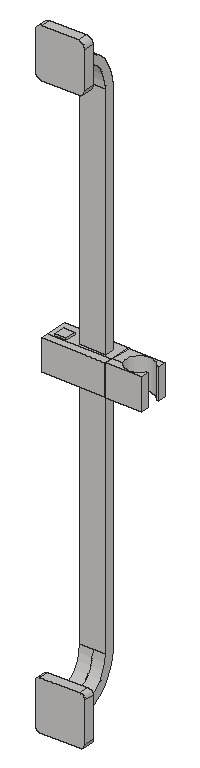
Revit family "SA-2402", category Plumbing Fixtures, host Wall, Revit 2023
Family settings
  Host = Wall
  Round Connector Dimension = Use Diameter
  Part Type = Normal
  OmniClass Number = 23.45.00.00
  OmniClass Title = Sanitary, Laundry, and Cleaning Equipment
  Enable Cutting in Views = No
  Always vertical = Yes
  Cut with Voids When Loaded = No
  Maintain Annotation Orientation = No
  Shared = No
  Room Calculation Point = No
Parameters
  Default Elevation = 0' - 0"
Reference planes (in)
  plane 1: y = 0
  plane 2 "Center (Left/Right)": x = -0.47711
  plane 3 "Back": y = 3
  plane 4: z = 36
  plane 5: x = 0.61664
  plane 6: x = -1.57086
  plane 7: z = 38.1875
  plane 8: z = 36
  plane 9: z = 64.1875
  plane 10: z = 62
  plane 11: x = 0.61664
  plane 12: x = -1.57086
  plane 13: y = 5.1875
  plane 14: x = -2.37599
  plane 15: x = 2.06151
  plane 16: y = 4.8125
Forms (in)
  Extrusion 1, solid, material "metal finish"
    sketch origin (-60, 3, 0) x (-1, 0, 0) y (0, 0, 1)
      loop
        arc (-60.34185, 64.1875) -> (-60.53616, 64.10701) -> (-60.61664, 63.91271) r 0.27479
        line (-60.61664, 63.91271) -> (-60.61664, 62.27479)
        arc (-60.61664, 62.27479) -> (-60.53616, 62.08049) -> (-60.34185, 62) r 0.27479
        line (-60.34185, 62) -> (-58.70394, 62)
        arc (-58.70394, 62) -> (-58.50963, 62.08049) -> (-58.42914, 62.27479) r 0.27479
        line (-58.42914, 62.27479) -> (-58.42914, 63.91271)
        arc (-58.42914, 63.91271) -> (-58.50963, 64.10701) -> (-58.70394, 64.1875) r 0.27479
        line (-58.70394, 64.1875) -> (-60.34185, 64.1875)
      loop
        arc (-60.4057, 38.1875) -> (-60.55486, 38.12572) -> (-60.61664, 37.97656) r 0.21094
        line (-60.61664, 37.97656) -> (-60.61664, 36.21094)
        arc (-60.61664, 36.21094) -> (-60.55486, 36.06178) -> (-60.4057, 36) r 0.21094
        line (-60.4057, 36) -> (-58.64008, 36)
        arc (-58.64008, 36) -> (-58.49092, 36.06178) -> (-58.42914, 36.21094) r 0.21094
        line (-58.42914, 36.21094) -> (-58.42914, 37.97656)
        arc (-58.42914, 37.97656) -> (-58.49092, 38.12572) -> (-58.64008, 38.1875) r 0.21094
        line (-58.64008, 38.1875) -> (-60.4057, 38.1875)
    from 0 to 0.44231
  Sweep 2, solid, material "metal finish"
    path origin (-0.47711, 0.18528, 0) x (0, 1, 0) y (0, 0, 1)
      loop
        arc (3.06731, 63.09375) -> (4.30135, 62.5826) -> (4.8125, 61.34856) r 1.74519
        line (4.8125, 61.34856) -> (4.8125, 38.83894)
        arc (4.8125, 38.83894) -> (4.36669, 37.67391) -> (3.25703, 37.10409) r 1.74519
        line (3.25703, 37.10409) -> (3.00703, 37.10409)
    profile origin (-0.47711, 4.99778, 50.09375) x (1, 0, 0) y (0, 1, 0)
      loop
        line (0.57466, 0.18972) -> (0, 0.18972) -> (-0.57466, 0.18972) -> (-0.57466, 0) -> (-0.57466, -0.18972) -> (0, -0.18972) -> (0.57466, -0.18972) -> (0.57466, 0) -> (0.57466, 0.18972)
  Extrusion 3, solid, material "metal finish"
    sketch origin (-0.47711, 0.08124, 0) x (0, 1, 0) y (0, 0, 1)
      loop
        line (4.71432, 49.40625) -> (5.57762, 49.40625) -> (5.57762, 50.78125) -> (4.63228, 50.78125) -> (4.25878, 50.78125) -> (4.25878, 49.40625) -> (4.71432, 49.40625)
    from -1.89888 to 2.53862
  Extrusion 4, void
    sketch origin (-0.47711, 5.4439, 50.78125) x (1, 0, 0) y (0, -1, 0)
      loop
        arc (2.45819, 0.74767) -> (1.33992, 0.44776) -> (2.45819, 0.14786) r 0.59935
        line (2.45819, 0.14786) -> (2.53862, 0.14786) -> (2.53862, 0.44776) -> (2.53862, 0.74767) -> (2.45819, 0.74767)
    from 0 to 1.375
  Extrusion 5, solid, material "metal finish"
    sketch origin (-0.47711, 5.4439, 50.78125) x (0, -1, 0) y (1, 0, 0)
      loop
        line (0.70427, -1.13626) -> (0.20427, -1.13626) -> (0.20427, -1.63626) -> (0.70427, -1.63626) -> (0.70427, -1.13626)
    from 0 to 0.07407
  Extrusion 6, void
    sketch origin (-2.37599, 0.08124, 0) x (0, 1, 0) y (0, 0, 1)
      loop
        line (5.51512, 50.71875) -> (4.32128, 50.71875) -> (4.32128, 49.46875) -> (5.51512, 49.46875) -> (5.51512, 50.71875)
    from 0 to 0.13563
  Sweep 7, void
    path in 3D
      loop
        line (-2.37599, 4.71352, 50.78125) -> (-2.37599, 5.65887, 50.78125) -> (-2.37599, 5.65887, 49.40625) -> (-2.37599, 4.79556, 49.40625) -> (-2.37599, 4.34002, 49.40625) -> (-2.37599, 4.34002, 50.78125) -> (-2.37599, 4.71352, 50.78125)
    profile origin (-2.37599, 4.52677, 50.78125) x (-1, 0, 0) y (0, 0, 1)
      loop
        circle (-2.84819, 0.02178) r 0.0352
Cuts and joins
  Extrusion 6 cuts Extrusion 1
  Extrusion 6 cuts Sweep 2
  Extrusion 4, Extrusion 6, Sweep 7 cuts Extrusion 3
  joined: Extrusion 1, Sweep 2, Extrusion 3
Lines and regions (in)
  sketch lines
    curve 1: line (-2.37599, 4.34002, 50.78125) -> (-2.37599, 4.71352, 50.78125)
    curve 2: line (-2.37599, 4.71352, 50.78125) -> (-2.37599, 5.65887, 50.78125)
    curve 3: line (-2.37599, 5.65887, 50.78125) -> (-2.37599, 5.65887, 49.40625)
    curve 4: line (-2.37599, 4.34002, 49.40625) -> (-2.37599, 4.34002, 50.78125)
    curve 5: line (-2.37599, 5.65887, 49.40625) -> (-2.37599, 4.79556, 49.40625)
    curve 6: line (-2.37599, 4.79556, 49.40625) -> (-2.37599, 4.34002, 49.40625)
Text (in)
  text "Placement Side" at (0, 40.15149, 123.01588), in view "Right"
  text "Placement Side" at (-70.3804, 45.82615, 0), in view "Ref. Level"
  text "Placement Side" at (0, 47.49176, 113.10569), in view "Left"
Dimensions and locks (in)
  locked: plane 3 "Back" to host wall
  plane 9 to plane 4 = 2' - 4 3/16"
  plane 15 to plane 14 = 0' - 4 7/16"
